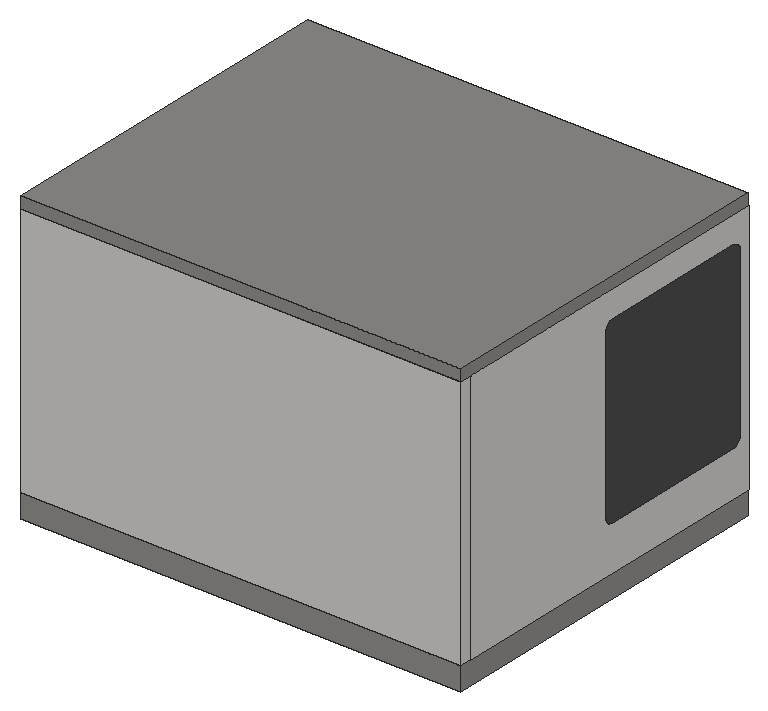
Revit family "QF_ELECTROLUXPROFESSIONAL_730296_IHD220M230SNP", category Attrezzature speciali, Revit 2018
Family settings
  Quota connettore circolare = Usa diametro
  Tipo di parte = Normale
  Basato su piano di lavoro = No
  Sempre verticale = Sì
  Taglio con vuoti quando caricato = No
  Condiviso = No
  Punto di calcolo locali = No
Parameters (values of type "Standard")
  Weight = 85.00 kg
  Watts = 1600 W
  Volts = 220 V
  URL Manufacturer = "https://www.electroluxprofessional.com/"
  URL = "https://www.electroluxprofessional.com/"
  Steam Supply Size = 0 mm
  Steam Supply Minimum Pressure = 0.0 Pa
  Steam Supply Maximum Pressure = 0.0 Pa
  Steam Pounds per Hour = 0
  Show Logo [instance] = yes
  Show Clearance [instance] = yes
  Refrigeration Suction Line Size = 0 mm
  Refrigeration Liquid Line Size = 0 mm
  Refrigerant Compressor Remote = yes
  Produttore = "Electrolux Professional"
  Phase = 1
  Modello = "IHD220M230SNP"
  Length Actual = 762 mm  # constant formula
  Item Number = "730296"
  Hot Water Size = 0 mm
  Height Actual = 1676 mm  # constant formula
  HP = "2.1 HP"
  Gas Size = 0 mm
  Gas KW = 0
  Gas Input Pressure = 0 W
  Descrizione = "WATER COOLED HALF DICE ICE 220KG/24H-BIN 230KG MODULAR"
  Depth Actual = 819 mm  # constant formula
  Cycle = 50 Hz
  Condensate Return Size = 0 mm
  Compressed Air Volume = 0.0 L/s
  Compressed Air Size = 0 mm
  Compressed Air Pressure = 0.0 Pa
  Cold Water Size = 19.05 mm
  Accessory = yes
Reference planes
  plane 1 "Center X": y = 237.851
  plane 2: z = 0
  plane 3 "Center Y": x = -378
  plane 4 "LEFT": x = -759
  plane 5 "BACK": y = 547.851
  plane 6 "RIGHT": x = 3
  plane 7 "FRONT": y = -72.149
  plane 8 "TOP": z = 500
  plane 9: x = -739
  plane 10: x = -17
  plane 11: z = 40
  plane 12: z = 480
  plane 13: z = 400
  plane 14: y = -52.149
Forms (mm)
  Extrusion 1, solid, material "QF_Finishes_Stainless Steel"
    sketch origin (0, 0, 0) x (1, 0, 0) y (0, 1, 0)
      loop
        line (-759, 547.851) -> (-759, -52.149) -> (-739, -52.149) -> (-739, 547.851) -> (-759, 547.851)
      loop
        line (-17, 547.851) -> (-17, -52.149) -> (3, -52.149) -> (3, 547.851) -> (-17, 547.851)
    from 40 to 480
  Extrusion 2, solid, material "QF_Finishes_Stainless Steel_Darkgray"
    sketch origin (0, 0, 0) x (1, 0, 0) y (0, 1, 0)
      loop
        line (-759, 547.851) -> (-759, -72.149) -> (3, -72.149) -> (3, 547.851) -> (-759, 547.851)
    from 480 to 500
  Extrusion 3, solid, material "QF_Finishes_Stainless Steel_Darkgray"
    sketch origin (0, 0, 0) x (1, 0, 0) y (0, 1, 0)
      loop
        line (-759, 547.851) -> (-759, -72.149) -> (3, -72.149) -> (3, 547.851) -> (-759, 547.851)
    from 0 to 40
  Extrusion 4, solid, material "QF_Finishes_Black"
    sketch origin (-759, 55.351, 75) x (0, 1, 0) y (0, 0, -1)
      loop
        arc (457.5, -360) -> (468.107, -355.607) -> (472.5, -345) r 15
        line (472.5, -345) -> (472.5, -59.749)
        arc (472.5, -59.749) -> (468.107, -49.142) -> (457.5, -44.749) r 15
        line (457.5, -44.749) -> (197.55, -44.749)
        arc (197.55, -44.749) -> (186.944, -49.142) -> (182.55, -59.749) r 15
        line (182.55, -59.749) -> (182.55, -345)
        arc (182.55, -345) -> (186.944, -355.607) -> (197.55, -360) r 15
        line (197.55, -360) -> (457.5, -360)
    from 0 to 2
  Extrusion 5, solid, material "QF_Finishes_Stainless Steel"
    sketch origin (-1061.619, 547.851, 823.153) x (0, 0, -1) y (-1, 0, 0)
      loop
        circle (417.153, -337.619) r 10
    from 0 to 10
  Extrusion 6, solid, material "QF_Finishes_Stainless Steel"
    sketch origin (-375.619, 547.851, 492.153) x (0, 0, -1) y (-1, 0, 0)
      loop
        circle (417.153, -337.619) r 10
    from 0 to 10
  Extrusion 7, solid, material "QF_Finishes_Stainless Steel"
    sketch origin (-1061.619, 547.851, 467.153) x (0, 0, -1) y (-1, 0, 0)
      loop
        circle (417.153, -337.619) r 10
    from 0 to 10
  Extrusion 8, solid, material "QF_Finishes_Stainless Steel"
    sketch origin (0, 0, 0) x (1, 0, 0) y (0, 1, 0)
      loop
        line (-739, 547.851) -> (-739, -52.149) -> (-17, -52.149) -> (-17, 547.851) -> (-739, 547.851)
    from 40 to 480
  Extrusion 9, solid, material "QF_Finishes_Stainless Steel"
    sketch origin (0, 0, 0) x (1, 0, 0) y (0, 1, 0)
      loop
        line (-759, -52.149) -> (-759, -72.149) -> (3, -72.149) -> (3, -52.149) -> (-759, -52.149)
    from 40 to 480
  Extrusion 10, solid, material "QF_Finishes_Black"
    sketch origin (3, 55.351, 75) x (0, 1, 0) y (0, 0, 1)
      loop
        line (457.5, 360) -> (197.55, 360)
        arc (197.55, 360) -> (186.944, 355.607) -> (182.55, 345) r 15
        line (182.55, 345) -> (182.55, 59.749)
        arc (182.55, 59.749) -> (186.944, 49.142) -> (197.55, 44.749) r 15
        line (197.55, 44.749) -> (457.5, 44.749)
        arc (457.5, 44.749) -> (468.107, 49.142) -> (472.5, 59.749) r 15
        line (472.5, 59.749) -> (472.5, 345)
        arc (472.5, 345) -> (468.107, 355.607) -> (457.5, 360) r 15
    from 0 to 2
  Extrusion 11, solid, material "QF_Finishes_Stainless Steel"
    sketch origin (-1061.619, 547.851, 723.153) x (0, 0, -1) y (-1, 0, 0)
      loop
        circle (417.153, -337.619) r 10
    from 0 to 10
  Extrusion 12, solid, material "QF_Finishes_Stainless Steel"
    sketch origin (-1061.619, 547.851, 595.153) x (0, 0, -1) y (-1, 0, 0)
      loop
        circle (417.153, -337.619) r 10
    from 0 to 10
Lines and regions (mm)
  symbolic lines
    curve 1: line (-759, 547.851, 0) -> (3, 547.851, 0)
    curve 2: line (-759, -72.149, 0) -> (-759, 547.851, 0)
    curve 3: line (3, -72.149, 0) -> (-759, -72.149, 0)
    curve 4: line (3, 547.851, 0) -> (3, -72.149, 0)
Dimensions and locks
  equal spacing: plane 4 "LEFT", plane 3 "Center Y", plane 6 "RIGHT"
  plane 4 "LEFT" to plane 6 "RIGHT" = 762 mm
  plane 5 "BACK" to plane 7 "FRONT" = 620 mm
  equal spacing: plane 5 "BACK", plane 1 "Center X", plane 7 "FRONT"
  plane 8 "TOP" to plane 2 = 500 mm
  locked: plane 4 "LEFT" to plane 9 at 20
  locked: plane 10 to plane 6 "RIGHT" at 20
  plane 11 to plane 2 = 40 mm
  locked: plane 8 "TOP" to plane 12 at 20
  locked: plane 12 to plane 13 at 80
  plane 14 to plane 7 "FRONT" = 20 mm
  aligned and locked: level to plane 2
  aligned and locked: Extrusion 1 sketch curve to plane 5 "BACK"  (x2)
  aligned and locked: plane 4 "LEFT" to Extrusion 1 sketch curve
  aligned and locked: Extrusion 1 sketch curve to plane 9
  aligned and locked: plane 10 to Extrusion 1 sketch curve
  aligned and locked: Extrusion 1 sketch curve to plane 6 "RIGHT"
  aligned and locked: plane 12 to Extrusion 1
  aligned and locked: plane 8 "TOP" to Extrusion 2
  aligned and locked: Extrusion 2 to Extrusion 1
  aligned and locked: plane 11 to Extrusion 3
  aligned and locked: Extrusion 8 sketch curve to Extrusion 3
  aligned and locked: plane 14 to Extrusion 8 sketch curve
  aligned and locked: Extrusion 8 sketch curve to plane 10
  aligned and locked: Extrusion 1 to Extrusion 8
  aligned and locked: Extrusion 8 to plane 11
  aligned and locked: plane 14 to Extrusion 1 sketch curve  (x2)
  aligned and locked: Extrusion 9 sketch curve to Extrusion 1  (x2)
  aligned and locked: Extrusion 9 sketch curve to Extrusion 2  (x2)
  aligned and locked: Extrusion 9 to Extrusion 1
  aligned and locked: Extrusion 9 to plane 11
  aligned and locked: plane 4 "LEFT" to Extrusion 3 sketch curve
  aligned and locked: Extrusion 3 sketch curve to plane 6 "RIGHT"
  aligned and locked: Extrusion 1 to plane 11
Automatic sketch dimensions
  curve 3 to plane 4 "LEFT" = 0 mm
  curve 3 to plane 6 "RIGHT" = 0 mm
  curve 3 to plane 7 "FRONT" = 0 mm
  curve 2 to plane 5 "BACK" = 0 mm
  Extrusion 2 sketch curve to plane 4 "LEFT" = 0 mm
  Extrusion 2 sketch curve to plane 6 "RIGHT" = 0 mm
  Extrusion 2 sketch curve to plane 7 "FRONT" = 0 mm
  Extrusion 2 sketch curve to plane 5 "BACK" = 0 mm
  Extrusion 3 sketch curve to plane 7 "FRONT" = 0 mm
  Extrusion 3 sketch curve to plane 5 "BACK" = 0 mm
  Extrusion 4 sketch curve to plane 1 "Center X" = 0.05 mm
  Extrusion 4 sketch curve to plane 1 "Center X" = 15.05 mm  (x2)
  Extrusion 4 sketch curve to plane 5 "BACK" = 35 mm  (x2)
  plane 13 to Extrusion 4 sketch curve = 20 mm
  Extrusion 4 sketch curve to Extrusion 4 sketch curve = 15 mm
  plane 11 to Extrusion 4 sketch curve = 94.749 mm
  plane 13 to Extrusion 5 sketch curve = 6 mm
  plane 9 to Extrusion 5 sketch curve = 15 mm
  plane 11 to Extrusion 6 sketch curve = 35 mm
  Extrusion 6 sketch curve to plane 10 = 21 mm
  plane 11 to Extrusion 7 sketch curve = 10 mm
  plane 9 to Extrusion 7 sketch curve = 15 mm
  Extrusion 8 sketch curve to plane 9 = 0 mm
  Extrusion 10 sketch curve to plane 1 "Center X" = 0.05 mm
  Extrusion 10 sketch curve to plane 1 "Center X" = 15.05 mm  (x2)
  Extrusion 10 sketch curve to plane 5 "BACK" = 35 mm  (x2)
  plane 13 to Extrusion 10 sketch curve = 20 mm
  Extrusion 10 sketch curve to Extrusion 10 sketch curve = 15 mm
  plane 11 to Extrusion 10 sketch curve = 94.749 mm
  plane 9 to Extrusion 11 sketch curve = 15 mm
  Extrusion 11 sketch curve to plane 13 = 94 mm
  plane 9 to Extrusion 12 sketch curve = 15 mm
  plane 11 to Extrusion 12 sketch curve = 138 mm
  radius of Extrusion 5 sketch curve = 10 mm
  radius of Extrusion 6 sketch curve = 10 mm
  radius of Extrusion 7 sketch curve = 10 mm
  radius of Extrusion 11 sketch curve = 10 mm
  radius of Extrusion 12 sketch curve = 10 mm
Connectors
  electrical at (-38, 557.851, 75), driven by "Volts"
    settings: on Extrusion 6, index 1, voltage 220 V, apparent load 0 VA, apparent load phase1 0 VA, apparent load phase2 0 VA, apparent load phase3 0 VA, power factor 1, load classification "Altro", number of poles 1, system type 30, power factor state 1, is connector primary yes, connector utility no, sub classification motor no, connector description "Electrical Connection"
  piping at (-724, 557.851, 406), diameter 20
    settings: on Extrusion 5, index 2, connector inside diameter 609.6 mm, connector length 0 mm, flow factor 0, pipe flow 0.0 L/s, pressure drop 0.0 Pa, fitting loss kfactor 0, connector angle 0.00°, fixture units 0, engagement length 0 mm, angle of deflection 0.00°, flow configuration 0, flow direction 0, fitting loss method 0, system type 20, joint type 0, gender type 0, connector reference index -1, connector utility 0, adjustable connector no, is connector primary yes, connector description "Cold water"
  piping at (-724, 557.851, 50), diameter 20
    settings: on Extrusion 7, index 3, connector inside diameter 609.6 mm, connector length 0 mm, flow factor 0, pipe flow 0.0 L/s, pressure drop 0.0 Pa, fitting loss kfactor 0, connector angle 0.00°, fixture units 0, engagement length 0 mm, angle of deflection 0.00°, flow configuration 0, flow direction 0, fitting loss method 0, system type 16, joint type 0, gender type 0, connector reference index -1, connector utility 0, adjustable connector no, is connector primary no, connector description "Drain"
  piping at (-724, 557.851, 306), diameter 20
    settings: on Extrusion 11, index 4, connector inside diameter 609.6 mm, connector length 0 mm, flow factor 0, pipe flow 0.0 L/s, pressure drop 0.0 Pa, fitting loss kfactor 0, connector angle 0.00°, fixture units 0, engagement length 0 mm, angle of deflection 0.00°, flow configuration 0, flow direction 0, fitting loss method 0, system type 20, joint type 0, gender type 0, connector reference index -1, connector utility 0, adjustable connector no, is connector primary no, connector description "Cold water"
  piping at (-724, 557.851, 178), diameter 20
    settings: on Extrusion 12, index 5, connector inside diameter 609.6 mm, connector length 0 mm, flow factor 0, pipe flow 0.0 L/s, pressure drop 0.0 Pa, fitting loss kfactor 0, connector angle 0.00°, fixture units 0, engagement length 0 mm, angle of deflection 0.00°, flow configuration 0, flow direction 0, fitting loss method 0, system type 16, joint type 0, gender type 0, connector reference index -1, connector utility 0, adjustable connector no, is connector primary no, connector description "Drain"
